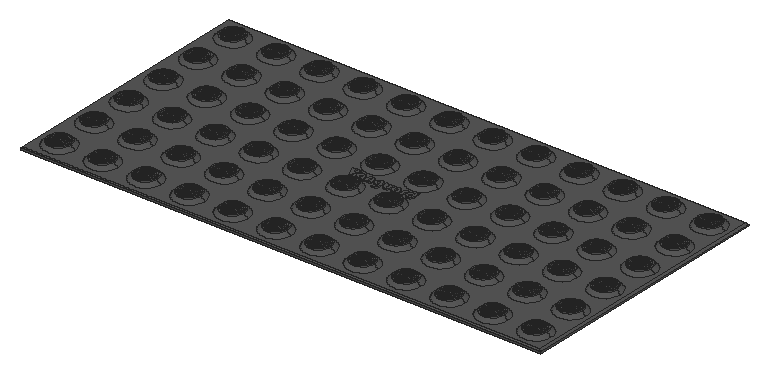
Revit family "Renzo Vanguard 300x600mm Warning TGSI", category Generic Models, host Floor, Revit 2020
Family settings
  Host = Floor
  Can host rebar = No
  Round Connector Dimension = Use Diameter
  Part Type = Normal
  Always vertical = No
  Cut with Voids When Loaded = No
  Shared = No
  Room Calculation Point = No
Parameters (values of type "Renzo Vanguard 300x600 Black - Integrated Warning")
  Width 600 [instance] = no
  Width 300 [instance] = not(Width 600)  # yes
  W_Single Module [instance] = and(or(Length = 600 mm, Length < 600 mm), not(Width 300))  # no
  W_Multiple Module [instance] = and(not(Width 300), Length > 600 mm)  # no
  Multiple Module [instance] = Length > 600 mm  # no
  Single Module [instance] = or(Length = 600 mm, Length < 600 mm)  # yes
  URL = "https://korb.au/products/renzo%C2%AE-vanguard-integrated-warning?variant=45065750872340"
  Type Comments = "Mean Dry Luminance (LRV): 1.36\r\nMean Wet Luminance (LRV): 1.85"
  TGSI_Material = Opaque Black
  Number [instance] = if(Length > 600 mm, (Length / 600 mm), ((Length / 600 mm) + 1))  # 2
  Model = "Renzo® Vanguard 300x600 Black - Integrated Warning"
  Manufacturer = "Korb"  # constant formula
  Length [instance] = 600 mm
  Description = "Slip Resistance Classification: P5\r\nLuminous Contrast Requirement (LCR): 30%"
  Default Elevation = 0 mm
  Created_By = "Korb Pty Ltd"  # constant formula
  Assembly Code = "SKU: 124111"
Types (3, lengths in mm): name | URL | Type Comments | TGSI_Material | Model | Assembly Code
  Renzo Vanguard 300x600 Black - Integrated Warning | "https://korb.au/products/renzo%C2%AE-vanguard-integrated-warning?variant=45065750872340" | "Mean Dry Luminance (LRV): 1.36\r\nMean Wet Luminance (LRV): 1.85" | Opaque Black | "Renzo® Vanguard 300x600 Black - Integrated Warning" | "SKU: 124111"
  Renzo Vanguard 300x600 White - Integrated Warning | "https://korb.au/products/renzo%C2%AE-vanguard-integrated-warning?variant=45065750970644" | "Mean Dry Luminance (LRV): 81.98\r\nMean Wet Luminance (LRV): 81.43" | Opaque  White | "Renzo® Vanguard 300x600 White - Integrated Warning" | "SKU: 124114"
  Renzo Vanguard 300x600 Yellow - Integrated Warning | "https://korb.au/collections/renzo%C2%AE/products/renzo%C2%AE-vanguard-integrated-warning" | "Mean Dry Luminance (LRV): 63.23\r\nMean Wet Luminance (LRV): 63.72" | Opaque  Yellow | "Renzo® Vanguard 300x600 Yellow - Integrated Warning" | "SKU: 124118"
Reference planes
  plane 1 "Center (Front/Back)": y = 0
  plane 2: z = 0
  plane 3 "Center (Left/Right)": x = 0
  plane 4: x = 600
  plane 5: x = 900
  plane 6: y = 150
  plane 7: y = -150
Lines and regions (mm)
  reference lines
    curve 1: line (0, 0, 0) -> (600, 0, 0)
Dimensions and locks
  group 1 to group 2 = 600 mm
  group 1 to group 2 = 0 mm  (x2)
  "Length": plane 3 "Center (Left/Right)" to plane 4
  plane 3 "Center (Left/Right)" to plane 5 = 900 mm
  equal spacing: plane 7, plane 1 "Center (Front/Back)", plane 6, locked at 150 each
  group 3 to group 4 = 600 mm
  group 3 to group 4 = 0 mm  (x2)
  aligned and locked: level to plane 2
  aligned and locked: plane 4 to curve 1
  aligned and locked: plane 3 "Center (Left/Right)" to curve 1
  aligned and locked: nested 1 to plane 3 "Center (Left/Right)"
  aligned and locked: plane 5 to nested 2
  aligned and locked: nested 3 to plane 3 "Center (Left/Right)"
  aligned and locked: plane 1 "Center (Front/Back)" to nested 3
  aligned and locked: nested 4 to plane 3 "Center (Left/Right)"
  aligned and locked: nested 4 to plane 6
  aligned and locked: nested 5 to plane 6
  aligned and locked: nested 5 to plane 3 "Center (Left/Right)"
  aligned and locked: plane 5 to nested 6
Automatic sketch dimensions
  plane 1 "Center (Front/Back)" to curve 1 = 0 mm
Nested families
  nested 1: "Renzo Vanguard 300x600 - module" at (300, 0, 3), visible <- "Multiple Module", type "Renzo Vanguard 300x600 - module"
  nested 2: "Renzo Vanguard 300x600 - module" at (900, 0, 3), visible <- "Multiple Module", type "Renzo Vanguard 300x600 - module"
  nested 3: "Renzo Vanguard 300x600 - module" at (300, 0, 3), visible <- "Single Module", type "Renzo Vanguard 300x600 - module"
  nested 4: "Renzo Vanguard 300x600 - module" at (300, 300, 3), visible <- "W_Single Module", type "Renzo Vanguard 300x600 - module"
  nested 5: "Renzo Vanguard 300x600 - module" at (300, 300, 3), visible <- "W_Multiple Module", type "Renzo Vanguard 300x600 - module"
  nested 6: "Renzo Vanguard 300x600 - module" at (900, 300, 3), visible <- "W_Multiple Module", type "Renzo Vanguard 300x600 - module"
Definition of nested family "Renzo Vanguard 300x600 - module"
  Parameters (values of type "Renzo Vanguard 300x600 - module")
    TGSI Material = none
    Default Elevation = 0 mm
  Reference planes
    plane 1 "Center (Front/Back)": y = 0
    plane 2: z = 0
    plane 3 "Center (Left/Right)": x = 0
  Forms (mm)
    Extrusion 1, solid, material <- "TGSI Material"
      sketch origin (-300, 0, 0) x (1, 0, 0) y (0, 1, 0)
        loop
          line (50, -100) -> (550, -100) -> (550, 100) -> (50, 100) -> (50, -100)
      from 0 to 3
    Sweep 2, solid, material <- "TGSI Material"
      path origin (-300, 0, 0) x (1, 0, 0) y (0, 1, 0)
        loop
          line (0, 150) -> (0, -150) -> (600, -150) -> (600, 150) -> (0, 150)
      profile origin (0, 150, 0) x (0, 1, 0) y (0, 0, 1)
        loop
          line (0, 1.5) -> (-1.5, 3) -> (-50, 3) -> (-50, 0) -> (0, 0) -> (0, 1.5)
    Extrusion 3, solid, material <- "TGSI Material"
      sketch origin (161.512, -296.458, 0) x (1, 0, 0) y (0, 1, 0)
        loop
          line (-180.752, 295.952) -> (-180.752, 290.899) -> (-177.5, 290.899) -> (-177.5, 295.959)
          arc (-177.5, 295.959) -> (-176.852, 296.607) -> (-176.204, 295.959) r 0.648
          line (-176.204, 295.959) -> (-176.204, 290.899) -> (-172.952, 290.899) -> (-172.952, 295.952)
          arc (-172.952, 295.952) -> (-176.852, 299.852) -> (-180.752, 295.952) r 3.9
        loop
          line (-156.046, 299.536) -> (-156.046, 294.588)
          arc (-156.046, 294.588) -> (-156.23, 294.083) -> (-156.694, 293.815) r 0.785
          arc (-156.694, 293.815) -> (-157.159, 294.083) -> (-157.342, 294.588) r 0.785
          line (-157.342, 294.588) -> (-157.342, 299.536) -> (-160.599, 299.536) -> (-160.599, 294.588)
          arc (-160.599, 294.588) -> (-159.428, 291.763) -> (-156.603, 290.592) r 3.996
          arc (-156.603, 290.592) -> (-153.896, 291.826) -> (-152.79, 294.588) r 4
          line (-152.79, 294.588) -> (-152.79, 299.536) -> (-156.046, 299.536)
        loop
          line (-142.28, 290.899) -> (-142.28, 295.299)
          arc (-142.28, 295.299) -> (-150.337, 298.228) -> (-146.043, 290.808) r 4.561
          line (-146.043, 290.808) -> (-146.043, 294.207)
          arc (-146.043, 294.207) -> (-148.019, 295.57) -> (-145.629, 295.345) r 1.24
          line (-145.629, 295.345) -> (-145.629, 290.899) -> (-142.28, 290.899)
        loop
          line (-162.512, 291.751) -> (-162.512, 295.299)
          arc (-162.512, 295.299) -> (-167.745, 299.81) -> (-171.436, 293.969) r 4.561
          arc (-171.436, 293.969) -> (-170.031, 292.025) -> (-167.765, 291.24) r 3.984
          arc (-167.765, 291.24) -> (-167.07, 291.303) -> (-166.398, 291.493) r 3.767
          line (-166.398, 291.493) -> (-166.398, 294.505)
          arc (-166.398, 294.505) -> (-168.151, 296) -> (-165.861, 295.752) r 1.205
          line (-165.861, 295.752) -> (-165.861, 291.751)
          arc (-165.861, 291.751) -> (-166.467, 290.337) -> (-167.908, 289.801) r 1.952
          arc (-167.908, 289.801) -> (-168.509, 289.921) -> (-169.079, 290.145) r 3.489
          line (-169.079, 290.145) -> (-169.079, 287.156)
          arc (-169.079, 287.156) -> (-168.276, 286.916) -> (-167.442, 286.833) r 4.371
          arc (-167.442, 286.833) -> (-163.957, 288.269) -> (-162.512, 291.751) r 4.917
        loop
          line (-182.745, 290.899) -> (-182.745, 295.299)
          arc (-182.745, 295.299) -> (-190.803, 298.228) -> (-186.508, 290.808) r 4.561
          line (-186.508, 290.808) -> (-186.508, 294.207)
          arc (-186.508, 294.207) -> (-188.484, 295.57) -> (-186.094, 295.345) r 1.24
          line (-186.094, 295.345) -> (-186.094, 290.899) -> (-182.745, 290.899)
        loop
          line (-197.413, 290.215) -> (-191.963, 302.899) -> (-196.299, 302.899) -> (-197.343, 299.211) -> (-198.439, 302.899) -> (-202.56, 302.899) -> (-197.413, 290.215)
        loop
          line (-125.825, 302.899) -> (-129.045, 302.899) -> (-129.045, 295.273)
          arc (-129.045, 295.273) -> (-130.259, 294.058) -> (-131.473, 295.273) r 1.214
          arc (-131.473, 295.273) -> (-130.761, 296.292) -> (-129.532, 296.11) r 1.182
          line (-129.532, 296.11) -> (-129.532, 299.769)
          arc (-129.532, 299.769) -> (-129.97, 299.831) -> (-130.412, 299.85) r 4.561
          arc (-130.412, 299.85) -> (-133.575, 298.549) -> (-134.945, 295.416) r 4.561
          arc (-134.945, 295.416) -> (-130.449, 290.728) -> (-125.825, 295.289) r 4.561
          line (-125.825, 295.289) -> (-125.825, 302.899)
        loop
          arc (-135.469, 299.734) -> (-136.007, 299.81) -> (-136.549, 299.841) r 6.493
          arc (-136.549, 299.841) -> (-139.18, 298.785) -> (-140.274, 296.171) r 3.671
          line (-140.274, 296.171) -> (-140.274, 290.899) -> (-136.927, 290.899) -> (-136.927, 295.291)
          arc (-136.927, 295.291) -> (-136.498, 296.232) -> (-135.469, 296.131) r 0.889
          line (-135.469, 296.131) -> (-135.469, 299.734)
      from 0 to 3.5
  Cuts and joins
    joined: Extrusion 1, Sweep 2, Extrusion 3
  Dimensions and locks
    aligned and locked: level to plane 2
    aligned and locked: Extrusion 1 sketch curve to Sweep 2  (x4)
  Nested families
    nested 1: "Renzo Tile 300x300 Warning" at (-275, -125, 3), Material <- "TGSI Material", type "Renzo Tile 300x300 Warning"
      with Material none
    nested 2: "Renzo Tile 300x300 Warning" at (-275, -75, 3), Material <- "TGSI Material", type "Renzo Tile 300x300 Warning"
      with Material none
    nested 3: "Renzo Tile 300x300 Warning" at (-275, -25, 3), Material <- "TGSI Material", type "Renzo Tile 300x300 Warning"
      with Material none
    nested 4: "Renzo Tile 300x300 Warning" at (-275, 25, 3), Material <- "TGSI Material", type "Renzo Tile 300x300 Warning"
      with Material none
    nested 5: "Renzo Tile 300x300 Warning" at (-275, 75, 3), Material <- "TGSI Material", type "Renzo Tile 300x300 Warning"
      with Material none
    nested 6: "Renzo Tile 300x300 Warning" at (-275, 125, 3), Material <- "TGSI Material", type "Renzo Tile 300x300 Warning"
      with Material none
    nested 7: "Renzo Tile 300x300 Warning" at (-225, -125, 3), Material <- "TGSI Material", type "Renzo Tile 300x300 Warning"
      with Material none
    nested 8: "Renzo Tile 300x300 Warning" at (-225, -75, 3), Material <- "TGSI Material", type "Renzo Tile 300x300 Warning"
      with Material none
    nested 9: "Renzo Tile 300x300 Warning" at (-225, -25, 3), Material <- "TGSI Material", type "Renzo Tile 300x300 Warning"
      with Material none
    nested 10: "Renzo Tile 300x300 Warning" at (-225, 25, 3), Material <- "TGSI Material", type "Renzo Tile 300x300 Warning"
      with Material none
    nested 11: "Renzo Tile 300x300 Warning" at (-225, 75, 3), Material <- "TGSI Material", type "Renzo Tile 300x300 Warning"
      with Material none
    nested 12: "Renzo Tile 300x300 Warning" at (-225, 125, 3), Material <- "TGSI Material", type "Renzo Tile 300x300 Warning"
      with Material none
    nested 13: "Renzo Tile 300x300 Warning" at (-175, -125, 3), Material <- "TGSI Material", type "Renzo Tile 300x300 Warning"
      with Material none
    nested 14: "Renzo Tile 300x300 Warning" at (-175, -75, 3), Material <- "TGSI Material", type "Renzo Tile 300x300 Warning"
      with Material none
    nested 15: "Renzo Tile 300x300 Warning" at (-175, -25, 3), Material <- "TGSI Material", type "Renzo Tile 300x300 Warning"
      with Material none
    nested 16: "Renzo Tile 300x300 Warning" at (-175, 25, 3), Material <- "TGSI Material", type "Renzo Tile 300x300 Warning"
      with Material none
    nested 17: "Renzo Tile 300x300 Warning" at (-175, 75, 3), Material <- "TGSI Material", type "Renzo Tile 300x300 Warning"
      with Material none
    nested 18: "Renzo Tile 300x300 Warning" at (-175, 125, 3), Material <- "TGSI Material", type "Renzo Tile 300x300 Warning"
      with Material none
    nested 19: "Renzo Tile 300x300 Warning" at (-125, -125, 3), Material <- "TGSI Material", type "Renzo Tile 300x300 Warning"
      with Material none
    nested 20: "Renzo Tile 300x300 Warning" at (-125, -75, 3), Material <- "TGSI Material", type "Renzo Tile 300x300 Warning"
      with Material none
    nested 21: "Renzo Tile 300x300 Warning" at (-125, -25, 3), Material <- "TGSI Material", type "Renzo Tile 300x300 Warning"
      with Material none
    nested 22: "Renzo Tile 300x300 Warning" at (-125, 25, 3), Material <- "TGSI Material", type "Renzo Tile 300x300 Warning"
      with Material none
    nested 23: "Renzo Tile 300x300 Warning" at (-125, 75, 3), Material <- "TGSI Material", type "Renzo Tile 300x300 Warning"
      with Material none
    nested 24: "Renzo Tile 300x300 Warning" at (-125, 125, 3), Material <- "TGSI Material", type "Renzo Tile 300x300 Warning"
      with Material none
    nested 25: "Renzo Tile 300x300 Warning" at (-75, -125, 3), Material <- "TGSI Material", type "Renzo Tile 300x300 Warning"
      with Material none
    nested 26: "Renzo Tile 300x300 Warning" at (-75, -75, 3), Material <- "TGSI Material", type "Renzo Tile 300x300 Warning"
      with Material none
    nested 27: "Renzo Tile 300x300 Warning" at (-75, -25, 3), Material <- "TGSI Material", type "Renzo Tile 300x300 Warning"
      with Material none
    nested 28: "Renzo Tile 300x300 Warning" at (-75, 25, 3), Material <- "TGSI Material", type "Renzo Tile 300x300 Warning"
      with Material none
    nested 29: "Renzo Tile 300x300 Warning" at (-75, 75, 3), Material <- "TGSI Material", type "Renzo Tile 300x300 Warning"
      with Material none
    nested 30: "Renzo Tile 300x300 Warning" at (-75, 125, 3), Material <- "TGSI Material", type "Renzo Tile 300x300 Warning"
      with Material none
    nested 31: "Renzo Tile 300x300 Warning" at (-25, -125, 3), Material <- "TGSI Material", type "Renzo Tile 300x300 Warning"
      with Material none
    nested 32: "Renzo Tile 300x300 Warning" at (-25, -75, 3), Material <- "TGSI Material", type "Renzo Tile 300x300 Warning"
      with Material none
    nested 33: "Renzo Tile 300x300 Warning" at (-25, -25, 3), Material <- "TGSI Material", type "Renzo Tile 300x300 Warning"
      with Material none
    nested 34: "Renzo Tile 300x300 Warning" at (-25, 25, 3), Material <- "TGSI Material", type "Renzo Tile 300x300 Warning"
      with Material none
    nested 35: "Renzo Tile 300x300 Warning" at (-25, 75, 3), Material <- "TGSI Material", type "Renzo Tile 300x300 Warning"
      with Material none
    nested 36: "Renzo Tile 300x300 Warning" at (-25, 125, 3), Material <- "TGSI Material", type "Renzo Tile 300x300 Warning"
      with Material none
    nested 37: "Renzo Tile 300x300 Warning" at (275, -125, 3) x (-1, 0, 0) z (0, 0, 1), Material <- "TGSI Material", type "Renzo Tile 300x300 Warning"
      with Material none
    nested 38: "Renzo Tile 300x300 Warning" at (275, -75, 3) x (-1, 0, 0) z (0, 0, 1), Material <- "TGSI Material", type "Renzo Tile 300x300 Warning"
      with Material none
    nested 39: "Renzo Tile 300x300 Warning" at (275, -25, 3) x (-1, 0, 0) z (0, 0, 1), Material <- "TGSI Material", type "Renzo Tile 300x300 Warning"
      with Material none
    nested 40: "Renzo Tile 300x300 Warning" at (275, 25, 3) x (-1, 0, 0) z (0, 0, 1), Material <- "TGSI Material", type "Renzo Tile 300x300 Warning"
      with Material none
    nested 41: "Renzo Tile 300x300 Warning" at (275, 75, 3) x (-1, 0, 0) z (0, 0, 1), Material <- "TGSI Material", type "Renzo Tile 300x300 Warning"
      with Material none
    nested 42: "Renzo Tile 300x300 Warning" at (275, 125, 3) x (-1, 0, 0) z (0, 0, 1), Material <- "TGSI Material", type "Renzo Tile 300x300 Warning"
      with Material none
    nested 43: "Renzo Tile 300x300 Warning" at (225, -125, 3) x (-1, 0, 0) z (0, 0, 1), Material <- "TGSI Material", type "Renzo Tile 300x300 Warning"
      with Material none
    nested 44: "Renzo Tile 300x300 Warning" at (225, -75, 3) x (-1, 0, 0) z (0, 0, 1), Material <- "TGSI Material", type "Renzo Tile 300x300 Warning"
      with Material none
    nested 45: "Renzo Tile 300x300 Warning" at (225, -25, 3) x (-1, 0, 0) z (0, 0, 1), Material <- "TGSI Material", type "Renzo Tile 300x300 Warning"
      with Material none
    nested 46: "Renzo Tile 300x300 Warning" at (225, 25, 3) x (-1, 0, 0) z (0, 0, 1), Material <- "TGSI Material", type "Renzo Tile 300x300 Warning"
      with Material none
    nested 47: "Renzo Tile 300x300 Warning" at (225, 75, 3) x (-1, 0, 0) z (0, 0, 1), Material <- "TGSI Material", type "Renzo Tile 300x300 Warning"
      with Material none
    nested 48: "Renzo Tile 300x300 Warning" at (225, 125, 3) x (-1, 0, 0) z (0, 0, 1), Material <- "TGSI Material", type "Renzo Tile 300x300 Warning"
      with Material none
    nested 49: "Renzo Tile 300x300 Warning" at (175, -125, 3) x (-1, 0, 0) z (0, 0, 1), Material <- "TGSI Material", type "Renzo Tile 300x300 Warning"
      with Material none
    nested 50: "Renzo Tile 300x300 Warning" at (175, -75, 3) x (-1, 0, 0) z (0, 0, 1), Material <- "TGSI Material", type "Renzo Tile 300x300 Warning"
      with Material none
    nested 51: "Renzo Tile 300x300 Warning" at (175, -25, 3) x (-1, 0, 0) z (0, 0, 1), Material <- "TGSI Material", type "Renzo Tile 300x300 Warning"
      with Material none
    nested 52: "Renzo Tile 300x300 Warning" at (175, 25, 3) x (-1, 0, 0) z (0, 0, 1), Material <- "TGSI Material", type "Renzo Tile 300x300 Warning"
      with Material none
    nested 53: "Renzo Tile 300x300 Warning" at (175, 75, 3) x (-1, 0, 0) z (0, 0, 1), Material <- "TGSI Material", type "Renzo Tile 300x300 Warning"
      with Material none
    nested 54: "Renzo Tile 300x300 Warning" at (175, 125, 3) x (-1, 0, 0) z (0, 0, 1), Material <- "TGSI Material", type "Renzo Tile 300x300 Warning"
      with Material none
    nested 55: "Renzo Tile 300x300 Warning" at (125, -125, 3) x (-1, 0, 0) z (0, 0, 1), Material <- "TGSI Material", type "Renzo Tile 300x300 Warning"
      with Material none
    nested 56: "Renzo Tile 300x300 Warning" at (125, -75, 3) x (-1, 0, 0) z (0, 0, 1), Material <- "TGSI Material", type "Renzo Tile 300x300 Warning"
      with Material none
    nested 57: "Renzo Tile 300x300 Warning" at (125, -25, 3) x (-1, 0, 0) z (0, 0, 1), Material <- "TGSI Material", type "Renzo Tile 300x300 Warning"
      with Material none
    nested 58: "Renzo Tile 300x300 Warning" at (125, 25, 3) x (-1, 0, 0) z (0, 0, 1), Material <- "TGSI Material", type "Renzo Tile 300x300 Warning"
      with Material none
    nested 59: "Renzo Tile 300x300 Warning" at (125, 75, 3) x (-1, 0, 0) z (0, 0, 1), Material <- "TGSI Material", type "Renzo Tile 300x300 Warning"
      with Material none
    nested 60: "Renzo Tile 300x300 Warning" at (125, 125, 3) x (-1, 0, 0) z (0, 0, 1), Material <- "TGSI Material", type "Renzo Tile 300x300 Warning"
      with Material none
    nested 61: "Renzo Tile 300x300 Warning" at (75, -125, 3) x (-1, 0, 0) z (0, 0, 1), Material <- "TGSI Material", type "Renzo Tile 300x300 Warning"
      with Material none
    nested 62: "Renzo Tile 300x300 Warning" at (75, -75, 3) x (-1, 0, 0) z (0, 0, 1), Material <- "TGSI Material", type "Renzo Tile 300x300 Warning"
      with Material none
    nested 63: "Renzo Tile 300x300 Warning" at (75, -25, 3) x (-1, 0, 0) z (0, 0, 1), Material <- "TGSI Material", type "Renzo Tile 300x300 Warning"
      with Material none
    nested 64: "Renzo Tile 300x300 Warning" at (75, 25, 3) x (-1, 0, 0) z (0, 0, 1), Material <- "TGSI Material", type "Renzo Tile 300x300 Warning"
      with Material none
    nested 65: "Renzo Tile 300x300 Warning" at (75, 75, 3) x (-1, 0, 0) z (0, 0, 1), Material <- "TGSI Material", type "Renzo Tile 300x300 Warning"
      with Material none
    nested 66: "Renzo Tile 300x300 Warning" at (75, 125, 3) x (-1, 0, 0) z (0, 0, 1), Material <- "TGSI Material", type "Renzo Tile 300x300 Warning"
      with Material none
    nested 67: "Renzo Tile 300x300 Warning" at (25, -125, 3) x (-1, 0, 0) z (0, 0, 1), Material <- "TGSI Material", type "Renzo Tile 300x300 Warning"
      with Material none
    nested 68: "Renzo Tile 300x300 Warning" at (25, -75, 3) x (-1, 0, 0) z (0, 0, 1), Material <- "TGSI Material", type "Renzo Tile 300x300 Warning"
      with Material none
    nested 69: "Renzo Tile 300x300 Warning" at (25, -25, 3) x (-1, 0, 0) z (0, 0, 1), Material <- "TGSI Material", type "Renzo Tile 300x300 Warning"
      with Material none
    nested 70: "Renzo Tile 300x300 Warning" at (25, 25, 3) x (-1, 0, 0) z (0, 0, 1), Material <- "TGSI Material", type "Renzo Tile 300x300 Warning"
      with Material none
    nested 71: "Renzo Tile 300x300 Warning" at (25, 75, 3) x (-1, 0, 0) z (0, 0, 1), Material <- "TGSI Material", type "Renzo Tile 300x300 Warning"
      with Material none
    nested 72: "Renzo Tile 300x300 Warning" at (25, 125, 3) x (-1, 0, 0) z (0, 0, 1), Material <- "TGSI Material", type "Renzo Tile 300x300 Warning"
      with Material none
  Definition of nested family "Renzo Tile 300x300 Warning"
    Parameters (values of type "Renzo Tile 300x300 Warning")
      Material [instance] = none
      Default Elevation = 0 mm
    Reference planes
      plane 1 "Center (Front/Back)": y = 0
      plane 2: z = 0
      plane 3 "Center (Left/Right)": x = 0
    Forms (mm)
      Revolve 1, solid, material <- "Material", detail levels medium+fine
        sketch origin (0, 0, 0) x (1, 0, 0) y (0, 0, 1)
          loop
            line (0, 0) -> (17.5, 0) -> (13, 3.8) -> (13, 4.6) -> (11.9, 4.6) -> (11.9, 3.8) -> (11, 3.8) -> (11, 4.6) -> (10.1, 4.6) -> (10.1, 3.8) -> (9.2, 3.8) -> (9.2, 4.6) -> (8.3, 4.6) -> (8.3, 3.8) -> (7.4, 3.8) -> (7.4, 4.6) -> (6.5, 4.6) -> (6.5, 3.8) -> (5.6, 3.8) -> (5.6, 4.6) -> (4.7, 4.6) -> (4.7, 3.8) -> (3.8, 3.8) -> (3.8, 4.6) -> (2.9, 4.6) -> (2.9, 3.8) -> (2, 3.8) -> (2, 4.6) -> (0, 4.6) -> (0, 0)
          axis (0, 4.6) -> (0, 0)
        angle from 0 to 360
    Lines and regions (mm)
      Masking region 1
        outline origin (0, 0, 0) x (1, 0, 0) y (0, 1, 0)
          loop
            circle (0, 0) r 17.5
      model lines
        curve 1: circle (0, 0, 0) r 13 normal (0, 0, 1)
        curve 2: circle (0, 0, 0) r 4 normal (0, 0, 1)
    Dimensions and locks
      aligned and locked: level to plane 2
